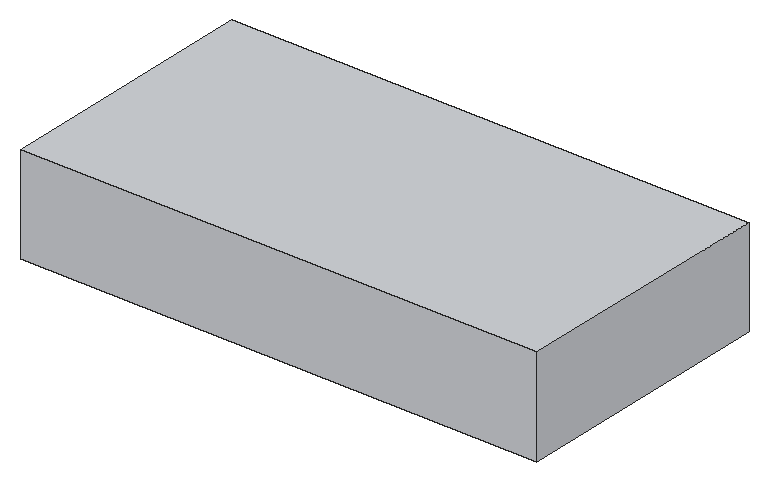
Revit family "SH-20.4", category Устройства связи, Revit 2016
Family settings
  Сохранять ориентацию аннотаций = Нет
  Тип детали = Нормальный
  Размер круглого соединителя = Использовать диаметр
  На основе рабочей плоскости = Да
  Всегда вертикально = Нет
  При загрузке вырезать с полостями = Нет
  Общий = Да
  Точка расчета площади = Нет
Parameters (values of type "SH-20.4")
  Максимальная мощность на каждом порту с PoE = "15 Вт"
  Количество портов UpLink = "2 порта 10/100Base-TX"  # constant formula
  Максимальная длина кабеля при подключении к портам с PoE = "100 метров"  # constant formula
  Уровень коммутатора = "1 (неуправляемый)"  # constant formula
  Default Elevation = 0 mm
  Описание = "Неуправляемый PoE коммутатор 10/100Base-TX, предназначенный для подключения сетевых устройств поддерживающих технологию Power over Ethernet."  # constant formula
  Габаритные размеры = "150х77х28,5 мм"
  Метод подачи питания на портах с PoE = "Метод B"  # constant formula
  Изображение типоразмера = <Нет>
  Изготовитель = "BAS-IP"  # constant formula
  Количество портов PoE = "PoE 4 порта IEEE 802.3af"
  Группа модели = "Коммутатор"  # constant formula
  Источник питания = "Внешний 48 В 1,25 А (в комплекте)"
  URL = "https://www.bas-ip.ru"
  Email = "support@bimlib.ru"  # constant formula
  BIM library = "https://bimlib.ru/manufacturer/"  # constant formula
  ADSK_Размер_Ширина = 77 mm
  ADSK_Размер_Толщина = 28.5 mm
  ADSK_Размер_Длина = 150 mm
  ADSK_Примечание = ""
  ADSK_Полная мощность = ADSK_Номинальная мощность / ADSK_Коэффициент мощности  # 322.222 VA
  ADSK_Позиция = ""
  ADSK_Обозначение = ""
  ADSK_Номинальная мощность = 290 W  # constant formula
  ADSK_Напряжение = 48 V  # constant formula
  ADSK_Наименование краткое = ADSK_Марка  # "SH-20.4"
  ADSK_Наименование = "POE КОММУТАТОР SH-20.4"
  ADSK_Масса_Текст = ""
  ADSK_Марка = "SH-20.4"
  ADSK_Коэффициент мощности = 0.9  # constant formula
  ADSK_Количество фаз = 1
  ADSK_Код изделия = ""
  ADSK_Классификация нагрузок = Коммутатор
  ADSK_Зона = ""
  ADSK_Завод-изготовитель = Изготовитель  # "BAS-IP"
  ADSK_Единица измерения = "шт"  # constant formula
  ADSK_Версия Revit = "Revit 2016"  # constant formula
  ADSK_URL страницы изделия = "https://www.bas-ip.ru/catalog/accessories/bas-ip-sh-20-4/"
  ADSK_URL документации изделия = ""
Types (4, lengths in mm): name | Максимальная мощность на каждом порту с PoE | Габаритные размеры | Количество портов PoE | Источник питания | ADSK_Размер_Ширина | ADSK_Размер_Толщина | ADSK_Размер_Длина | ADSK_Наименование краткое | ADSK_Наименование | ADSK_Марка
  (no name) | "15 Вт" | "150х77х28,5 мм" | "PoE 4 порта IEEE 802.3af" | "Внешний 48 В 1,25 А (в комплекте)" | 77 | 28.5 | 150 | "SH-20.4" | "POE КОММУТАТОР SH-20.4" | "SH-20.4"
  SH-20.4 | "15 Вт" | "150х77х28,5 мм" | "PoE 4 порта IEEE 802.3af" | "Внешний 48 В 1,25 А (в комплекте)" | 77 | 28.5 | 150 | "SH-20.4" | "POE КОММУТАТОР SH-20.4" | "SH-20.4"
  SH-20.8 | "15.4 Вт" | "190х77х28,5 мм" | "PoE 8 порта IEEE 802.3af" | "Внешний 48 В 3,0 А (в комплекте)" | 77 | 28.5 | 190 | "SH-20.8" | "POE КОММУТАТОР SH-20.8" | "SH-20.8"
  SH-20.16 | "15.4 Вт" | "330х205х44,5 мм" | "PoE 16 порта IEEE 802.3af" | "" | 205 | 44.5 | 330 | "SH-20.16" | "POE КОММУТАТОР SH-20.16" | "SH-20.16"
Reference planes
  plane 1 "По центру (Вперед/Назад)": y = 0
  plane 2: z = 0
  plane 3 "По центру (Влево/Вправо)": x = 0
  plane 4: x = -75
  plane 5: y = 38.5
  plane 6: x = 75
  plane 7: y = -38.5
  plane 8: z = 28.5
  plane 9 "Плоскость для коннекторов": z = 0
Forms (mm)
  Extrusion 1, solid, detail levels medium+fine
    sketch origin (0, 0, 0) x (1, 0, 0) y (0, 1, 0)
      loop
        line (-75, 38.5) -> (-75, -38.5) -> (75, -38.5) -> (75, 38.5) -> (-75, 38.5)
    from 0 to 28.5
Lines and regions (mm)
  model lines, detail levels coarse
    curve 1: line (-75, 38.5, 0) -> (75, 38.5, 0)
    curve 2: line (-75, -38.5, 0) -> (-75, 38.5, 0)
    curve 3: line (75, -38.5, 0) -> (-75, -38.5, 0)
    curve 4: line (75, 38.5, 0) -> (75, -38.5, 0)
Dimensions and locks
  equal spacing: plane 4, plane 3 "По центру (Влево/Вправо)", plane 6
  "ADSK_Размер_Длина": plane 4 to plane 6
  "ADSK_Размер_Ширина": plane 5 to plane 7
  equal spacing: plane 5, plane 1 "По центру (Вперед/Назад)", plane 7
  "ADSK_Размер_Толщина": plane 8 to plane 2
  aligned and locked: level to plane 2
  aligned and locked: Extrusion 1 sketch curve to plane 4
  aligned and locked: Extrusion 1 sketch curve to plane 5
  aligned and locked: Extrusion 1 sketch curve to plane 6
  aligned and locked: Extrusion 1 sketch curve to plane 7
  aligned and locked: curve 1 to Extrusion 1
  aligned and locked: curve 2 to Extrusion 1
  aligned and locked: curve 3 to Extrusion 1
  aligned and locked: curve 4 to Extrusion 1
  aligned and locked: plane 8 to Extrusion 1
  aligned and locked: Extrusion 1 to plane 9 "Плоскость для коннекторов"
Connectors
  electrical at (-65, -38.5, 10), driven by "Количество портов PoE"
    settings: on plane 7, index 9, voltage 0 V, apparent load 0 VA, apparent load phase1 0 VA, apparent load phase2 0 VA, apparent load phase3 0 VA, power factor 1, load classification "Прочее", number of poles 1, system type 5, power factor state 1, is connector primary yes, connector utility no, sub classification motor no, connector description "PoE 4 порта IEEE 802.3af"
  electrical at (65, 38.5, 10), driven by "ADSK_Количество фаз", driven by "ADSK_Классификация нагрузок", driven by "ADSK_Напряжение", driven by "ADSK_Полная мощность", driven by "ADSK_Коэффициент мощности"
    settings: on plane 5, index 10, voltage 48 V, apparent load 322.222 VA, apparent load phase1 0 VA, apparent load phase2 0 VA, apparent load phase3 0 VA, power factor 0.9, load classification "Коммутатор", number of poles 1, system type 30, power factor state 1, is connector primary no, connector utility no, sub classification motor no, connector description ""
